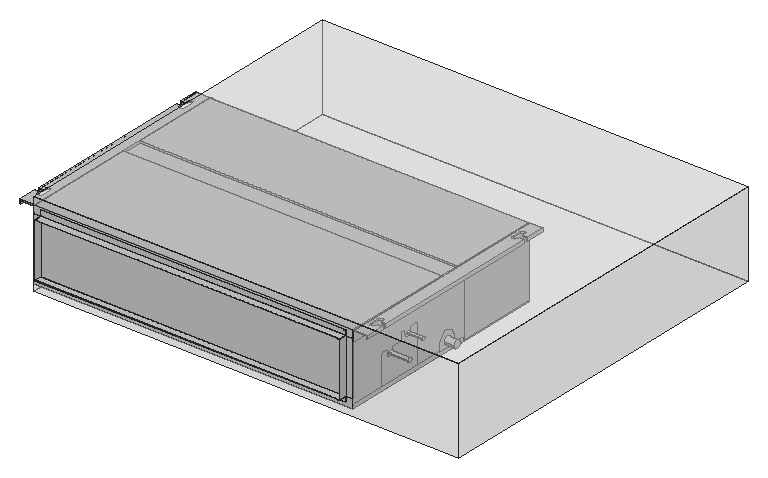
Revit family "outputfile", category 機械設備, Revit 2024
Family settings
  丸型コネクタ寸法 = 半径を使用
  パーツ タイプ = 標準
  OmniClass 番号 = 23.75.10.24.21.27.27
  OmniClass タイトル = Split System Air Conditioning Units
  作業面ベース = いいえ
  常に垂直 = はい
  ロード時にボイドで切り取り = いいえ
  注釈の向きを維持 = いいえ
  共有 = いいえ
  部屋計算ポイント = はい
Parameters (values of type "CDXM35RVMA")
  Description = ""
  書き出し IFC クラス(タイプ) = "IfcUnitaryEquipmentType"
  定義済み IFC タイプ(タイプ) = "AIRCONDITIONINGUNIT"
  Cost = 0
  Type Comments = ""
  Keynote = ""
  Type Image = (empty or 0)
  Assembly Code = ""
  switch_frequency = yes
  ld_powersupply = Depth / 2  # 310.0 mm
  製造元 = "Daikin"
  モデル = "CDXM35RVMA"
  r_Liquid Pipe Size = Liquid Pipe Size / 2  # 3.2 mm
  r_Gas Pipe Size = Gas Pipe Size / 2  # 4.75 mm
  r_Drain Pipe Size = Drain Pipe Size / 2  # 10.0 mm
  lw_powersupply = 50.0 mm  # constant formula
  lw_ductflange2 = 820.0 mm
  lw_Width = 860.0 mm
  lh_suctionflange [instance] = 100.0 mm  # constant formula
  ld_suctionflange [instance] = if(Rear Connection_Return Air, 190.0 mm, 100.0 mm)  # 190.0 mm
  connector_voltage = Voltage_50Hz  # 230 V
  connector_powerinput = if([Power Input (Cooling)] > [Power Input (Heating)], [Power Input (Cooling)], [Power Input (Heating)])  # 0.000 kW
  connector_phase = Phase_50Hz  # 1
  angle_vertical_RA [instance] = if(Rear Connection_Return Air, 90.00°, 0.00°)  # 90.00°
  angle horizontal_RA [instance] = if(Rear Connection_Return Air, 180.00°, 270.00°)  # 180.00°
  Voltage_comment_50Hz = "220 - 240"
  Voltage_50Hz = 230 V
  URL = ""
  Supply Air Direction [instance] = yes
  Sound Power Level_H speed (dB) = 0
  Rear Connection_Return Air [instance] = not(Bottom Connection_Return Air)  # yes
  RA_length [instance] = if(Rear Connection_Return Air, 190.0 mm, 100.0 mm)  # 190.0 mm
  Phase_50Hz = 1
  Minimum External Static Pressure = 0.00 Pa
  Minimum Circuit Amps_50Hz = 0.0 A
  Maximum Fuse Amps_50Hz = 0.0 A
  Maximum External Static Pressure = 40.00 Pa
  Material_Casing = DAIKIN_GalvanizedSteel_Casing_indoorunit
  lw_liquidpipe = 46.0 mm  # constant formula
  lw_gaspipe = 57.0 mm  # constant formula
  lw_mountinghole = 940.0 mm
  lw_drainpipe = 30.0 mm  # constant formula
  lh_powersupply = 150.0 mm  # constant formula
  lh_liquidpipe = 90.0 mm  # constant formula
  lh_gaspipe = 113.0 mm  # constant formula
  lh_mountinghole = Height  # 200.0 mm
  lh_drainpipe = 170.0 mm  # constant formula
  lh_antena = 1.0 mm  # constant formula
  ld_liquidpipe = 193.0 mm  # constant formula
  ld_gaspipe = 130.0 mm  # constant formula
  ld_mountinghole = 500.0 mm  # constant formula
  ld_drainpipe = 330.0 mm  # constant formula
  ld_controlbox = 626.0 mm  # constant formula
  h*** = 0.0 mm  # constant formula
  d_dischargeflange = 21.2 mm  # constant formula
  Width = 900.0 mm
  Version = "ver.1.0"
  Unit Type = "Duct(L.S.P)"
  Unit Mass Weight = 25.00 kg
  Unit Designation [instance] = ""
  Uniclass2015Version = "Products v1.30"
  Uniclass2015Title = "Split coil room air conditioning units"
  Uniclass2015Code = "Pr_70_65_03_86"
  Total Heating Capacity [instance] = 0.000 kW
  Total Cooling Capacity [instance] = 0.000 kW
  Sound Pressure Level_M speed (dBA) = 33
  Sound Pressure Level_L speed (dBA) = 31
  Sound Pressure Level_H speed (dBA) = 35
  Series = "Multi Split_Fan Coil Unit"
  Sensible Cooling Capacity [instance] = 0.000 kW
  SA Duct Size Width = 860.0 mm
  SA Duct Size Height = 153.0 mm
  Refrigerant Type = "R32"
  RA Duct Size Width = 780.0 mm
  RA Duct Size Height = 160.0 mm
  Power Input (Heating) = 0.000 kW
  Power Input (Cooling) = 0.000 kW
  Option Accessory 3 [instance] = ""
  Option Accessory 2 [instance] = ""
  Option Accessory 1 [instance] = ""
  Nominal Heating Capacity = 4.300 kW
  Nominal Cooling Capacity = 3.500 kW
  Minimum Airflow = 510.00 m³/h
  Median Airflow = 558.00 m³/h
  Maximum Airflow = 600.00 m³/h
  Load Classification = HVAC
  Liquid Pipe Size = 6.4 mm
  Link_Nested Family [instance] = ""
  IfcVersion = ""
  IfcExportType = "AIRCONDITIONINGUNIT"
  IfcExportAs = "IfcUnitaryEquipmentType"
  Height = 200.0 mm
  Heating Entering Wet Bulb Temperature [instance] = 0.00 °C
  Heating Entering Dry Bulb Temperature [instance] = 0.00 °C
  Heating Ambient Wet Bulb Temperature [instance] = 0.00 °C
  Heating Ambient Dry Bulb Temperature [instance] = 0.00 °C
  Heat Exchanger Type = "Cross Fin Coil"
  Gas Pipe Size = 9.5 mm
  Frequency_50Hz = 50 Hz
  Fan Type = "Sirocco Fan"
  Fan Drive = "Direct Drive"
  FCU Tag No. [instance] = ""
  Drain Pipe Size = 20.0 mm
  Design Supply Airflow [instance] = 0.00 m³/h
  Design Return Airflow [instance] = 0.00 m³/h
  Design External Static Pressure [instance] = 0.00 Pa
  Depth = 620.0 mm
  既定の高さ = 0.0 mm
  Cooling Entering Wet Bulb Temperature [instance] = 0.00 °C
  Cooling Entering Dry Bulb Temperature [instance] = 0.00 °C
  Cooling Ambient Wet Bulb Temperature [instance] = 0.00 °C
  Cooling Ambient Dry Bulb Temperature [instance] = 0.00 °C
  Clearance visibility [instance] = yes
  Clearance Top = 20.0 mm
  Clearance Right = 300.0 mm
  Clearance Rear = 400.0 mm
  Clearance Left = 0.0 mm
  Clearance Front = 0.0 mm
  Clearance Bottom = 20.0 mm
  Bottom Connection_Return Air [instance] = no
Reference planes
  plane 1 "Center (Front/Back)": y = 0
  plane 2: z = 0
  plane 3 "Center (Left/Right)": x = 0
  plane 4 "Back": y = 310
  plane 5 "Front": y = -310
  plane 6 "Left": x = -450
  plane 7 "Right": x = 450
  plane 8 "Top": z = 0
  plane 9 "Bottom": z = -200
  plane 10: x = -470
  plane 11: x = 470
  plane 12: y = 250
  plane 13: z = 0
  plane 14 "Clearance Left": x = -450
  plane 15 "Clearance Right": x = 750
  plane 16 "Clearance Rear": y = 710
  plane 17 "Clearance Front": y = -310
  plane 18 "Clearance Top": z = 20
  plane 19 "Clearance Bottom": z = -220
  plane 20: y = -250
  plane 21: z = -21
  plane 22: z = -97.5
  plane 23: x = -40
  plane 24: y = 120
  plane 25: z = -100
  plane 26: y = -180
  plane 27: z = -113
  plane 28: y = -117
  plane 29: z = -90
  plane 30: y = 20
  plane 31: z = -170
  plane 32: x = 507
  plane 33: x = 496
  plane 34: x = 480
  plane 35: x = 400
  plane 36: z = -150
Forms (mm)
  Extrusion 1, solid, material "DAIKIN_GalvanizedSteel_Casing_indoorunit" <- "Material_Casing"
    sketch origin (0, 0, 0) x (1, 0, 0) y (0, 1, 0)
      loop
        line (-450, -310) -> (450, -310) -> (450, 310) -> (-450, 310) -> (-450, -310)
    from -200 to 0
  Extrusion 2, void
    sketch origin (0, 0, 1) x (1, 0, 0) y (0, 1, 0)
      loop
        line (-450, 61.5) -> (-450, 3.5) -> (450, 3.5) -> (450, 61.5) -> (-450, 61.5)
    from -1 to -7
  Extrusion 3, solid, material "DAIKIN_GalvanizedSteel_Casing_indoorunit" <- "Material_Casing", visible <- "Bottom Connection_Return Air"
    sketch origin (0, 0, 0) x (1, 0, 0) y (0, 0, 1)
      loop
        line (369, -200) -> (369, -1) -> (-449, -1) -> (-449, -200) -> (369, -200)
    from -310 to -309
  Extrusion 4, solid, material "DAIKIN_GalvanizedSteel_Casing_indoorunit" <- "Material_Casing", visible <- "Rear Connection_Return Air"
    sketch origin (0, 0, 0) x (1, 0, 0) y (0, 1, 0)
      loop
        line (-449, 310) -> (-449, 111) -> (369, 111) -> (369, 310) -> (-449, 310)
    from -200 to -199
  Extrusion 5, solid, material "DAIKIN_GalvanizedSteel_Casing_indoorunit" <- "Material_Casing"
    sketch origin (450, 0, 0) x (0, 1, 0) y (0, 0, 1)
      loop
        circle (-180, -113) r 4.75
    from 0 to 57
  Extrusion 6, solid, material "DAIKIN_GalvanizedSteel_Casing_indoorunit" <- "Material_Casing"
    sketch origin (450, 0, 0) x (0, 1, 0) y (0, 0, 1)
      loop
        circle (-117, -90) r 3.2
    from 0 to 46
  Extrusion 7, solid, material "DAIKIN_GalvanizedSteel_Casing_indoorunit" <- "Material_Casing"
    sketch origin (450, 0, 0) x (0, 1, 0) y (0, 0, 1)
      loop
        circle (20, -170) r 10
    from 0 to 30
  Extrusion 8, solid, material "DAIKIN_GalvanizedSteel_Casing_indoorunit" <- "Material_Casing"
    sketch origin (450, 0, 0) x (0, 1, 0) y (0, 0, 1)
      loop
        line (-310, -200) -> (78.6, -200) -> (78.6, -193)
        arc (78.6, -193) -> (77.721, -190.879) -> (75.6, -190) r 3
        line (75.6, -190) -> (-310, -190) -> (-310, -200)
    from 0 to -1
  Extrusion 9, solid, material "DAIKIN_GalvanizedSteel_Casing_indoorunit" <- "Material_Casing"
    sketch origin (450, 0, 0) x (0, 1, 0) y (0, 0, 1)
      loop
        line (-210, -190) -> (-85.6, -190) -> (-85.6, -83)
        arc (-85.6, -83) -> (-86.479, -80.879) -> (-88.6, -80) r 3
        line (-88.6, -80) -> (-102, -80)
        arc (-102, -80) -> (-104.121, -80.879) -> (-105, -83) r 3
        line (-105, -83) -> (-105, -90)
        arc (-105, -90) -> (-117, -102) -> (-129, -90) r 12
        line (-129, -90) -> (-129, -83)
        arc (-129, -83) -> (-129.879, -80.879) -> (-132, -80) r 3
        line (-132, -80) -> (-136.1, -80)
        arc (-136.1, -80) -> (-138.221, -80.879) -> (-139.1, -83) r 3
        line (-139.1, -83) -> (-139.1, -102.7) -> (-165, -102.7)
        arc (-165, -102.7) -> (-167.121, -103.579) -> (-168, -105.7) r 3
        line (-168, -105.7) -> (-168, -113)
        arc (-168, -113) -> (-180, -125) -> (-192, -113) r 12
        line (-192, -113) -> (-192, -105.7)
        arc (-192, -105.7) -> (-192.879, -103.579) -> (-195, -102.7) r 3
        line (-195, -102.7) -> (-207, -102.7)
        arc (-207, -102.7) -> (-209.121, -103.579) -> (-210, -105.7) r 3
        line (-210, -105.7) -> (-210, -190)
    from 0 to -1
  Extrusion 10, solid, material "DAIKIN_GalvanizedSteel_Casing_indoorunit" <- "Material_Casing"
    sketch origin (450, 0, 0) x (0, 1, 0) y (0, 0, 1)
      loop
        arc (44.5, -170) -> (20, -145.5) -> (-4.5, -170) r 24.5
        line (-4.5, -170) -> (-4.5, -190) -> (44.5, -190) -> (44.5, -170)
    from 0 to -1
  Extrusion 11, solid, material "DAIKIN_GalvanizedSteel_Casing_indoorunit" <- "Material_Casing"
    sketch origin (450, 0, 0) x (0, 1, 0) y (0, 0, 1)
      loop
        arc (86.6, -22) -> (84.479, -22.879) -> (83.6, -25) r 3
        line (83.6, -25) -> (83.6, -194.5)
        arc (83.6, -194.5) -> (84.479, -196.621) -> (86.6, -197.5) r 3
        line (86.6, -197.5) -> (307, -197.5)
        arc (307, -197.5) -> (309.121, -196.621) -> (310, -194.5) r 3
        line (310, -194.5) -> (310, -25)
        arc (310, -25) -> (309.121, -22.879) -> (307, -22) r 3
        line (307, -22) -> (86.6, -22)
    from 0 to -1
Cuts and joins
  Extrusion 2 cuts Extrusion 1
Dimensions and locks
  "Height": plane 8 "Top" to plane 9 "Bottom"
  equal spacing: plane 10, plane 3 "Center (Left/Right)", plane 11
  "lw_mountinghole": plane 10 to plane 11
  equal spacing: plane 6 "Left", plane 3 "Center (Left/Right)", plane 7 "Right"
  "Width": plane 6 "Left" to plane 7 "Right"
  "Clearance Right": plane 7 "Right" to plane 15 "Clearance Right"
  "Clearance Left": plane 14 "Clearance Left" to plane 6 "Left"
  "Clearance Rear": plane 16 "Clearance Rear" to plane 4 "Back"
  "Clearance Front": plane 5 "Front" to plane 17 "Clearance Front"
  "Clearance Top": plane 18 "Clearance Top" to plane 8 "Top"
  "Clearance Bottom": plane 9 "Bottom" to plane 19 "Clearance Bottom"
  "Depth": plane 4 "Back" to plane 5 "Front"
  equal spacing: plane 4 "Back", plane 1 "Center (Front/Back)", plane 5 "Front"
  Extrusion 3 sketch curve to Extrusion 3 sketch curve = 199.0 mm
  locked: plane 20 to plane 5 "Front" at 60
  "ld_mountinghole": plane 12 to plane 20
  locked: plane 8 "Top" to plane 21 at 21
  locked: plane 23 to plane 3 "Center (Left/Right)" at 40
  "ld_suctionflange": plane 4 "Back" to plane 24
  "lh_suctionflange": plane 8 "Top" to plane 25
  "ld_gaspipe": plane 26 to plane 5 "Front"
  "lh_gaspipe": plane 8 "Top" to plane 27
  "ld_liquidpipe": plane 28 to plane 5 "Front"
  "lh_liquidpipe": plane 8 "Top" to plane 29
  "ld_drainpipe": plane 30 to plane 5 "Front"
  "lh_drainpipe": plane 8 "Top" to plane 31
  "lw_gaspipe": plane 7 "Right" to plane 32
  "lw_liquidpipe": plane 7 "Right" to plane 33
  "lw_drainpipe": plane 7 "Right" to plane 34
  "lw_powersupply": plane 35 to plane 7 "Right"
  "lh_powersupply": plane 8 "Top" to plane 36
  "r_Gas Pipe Size": radius of Extrusion 5 sketch curve
  "r_Liquid Pipe Size": radius of Extrusion 6 sketch curve
  "r_Drain Pipe Size": radius of Extrusion 7 sketch curve
  aligned and locked: level to plane 2
  aligned and locked: Extrusion 1 to plane 9 "Bottom"
  aligned and locked: plane 8 "Top" to Extrusion 1
  aligned and locked: plane 11 to nested 2
  aligned and locked: plane 10 to nested 3
  aligned and locked: plane 10 to nested 4
  aligned and locked: plane 8 "Top" to Extrusion 2
  aligned and locked: plane 9 "Bottom" to Extrusion 4  (x2)
  aligned and locked: plane 7 "Right" to cut or joined group of Extrusion 1, Extrusion 2  (x2)
  aligned and locked: plane 3 "Center (Left/Right)" to nested 9
  aligned and locked: plane 6 "Left" to nested 7
  aligned and locked: plane 8 "Top" to nested 9
  aligned and locked: plane 11 to nested 1
  aligned and locked: nested 6 to plane 1 "Center (Front/Back)"
  aligned and locked: plane 3 "Center (Left/Right)" to nested 6
  aligned and locked: level to plane 8 "Top"
  aligned and locked: plane 1 "Center (Front/Back)" to nested 9
  aligned and locked: plane 5 "Front" to nested 10
  aligned and locked: Extrusion 1 sketch curve to plane 5 "Front"
  aligned and locked: plane 21 to nested 10
  aligned and locked: nested 5 to plane 5 "Front"
  aligned and locked: plane 3 "Center (Left/Right)" to nested 5
  aligned and locked: plane 22 to nested 5
  aligned and locked: Extrusion 2 sketch curve to plane 6 "Left"
  aligned and locked: plane 7 "Right" to Extrusion 2 sketch curve
  aligned and locked: nested 11 to plane 23
  aligned and locked: nested 11 to plane 24
  aligned and locked: plane 27 to Extrusion 5 sketch curve
  aligned and locked: plane 26 to Extrusion 5 sketch curve
  aligned and locked: plane 28 to Extrusion 6 sketch curve
  aligned and locked: plane 29 to Extrusion 6 sketch curve
  aligned and locked: plane 31 to Extrusion 7 sketch curve
  aligned and locked: plane 30 to Extrusion 7 sketch curve
  aligned and locked: plane 26 to nested 12
  aligned and locked: nested 12 to plane 27
  aligned and locked: plane 32 to Extrusion 5
  aligned and locked: plane 32 to nested 12
  aligned and locked: plane 33 to Extrusion 6
  aligned and locked: plane 28 to nested 13
  aligned and locked: nested 13 to plane 29
  aligned and locked: plane 33 to nested 13
  aligned and locked: plane 34 to Extrusion 7
  aligned and locked: plane 30 to nested 14
  aligned and locked: nested 14 to plane 31
  aligned and locked: plane 34 to nested 14
  aligned and locked: Extrusion 8 sketch curve to plane 9 "Bottom"
  aligned and locked: Extrusion 8 sketch curve to plane 5 "Front"
  aligned and locked: plane 14 "Clearance Left" to nested 15
  aligned and locked: plane 15 "Clearance Right" to nested 15
  aligned and locked: plane 16 "Clearance Rear" to nested 15
  aligned and locked: nested 15 to plane 17 "Clearance Front"
  aligned and locked: nested 15 to plane 18 "Clearance Top"
  aligned and locked: nested 15 to plane 19 "Clearance Bottom"
  aligned and locked: nested 16 to plane 35
  aligned and locked: nested 16 to plane 36
  aligned and locked: plane 4 "Back" to nested 16
Automatic sketch dimensions
  Extrusion 1 sketch curve to plane 4 "Back" = 0.0 mm
  Extrusion 1 sketch curve to plane 6 "Left" = 0.0 mm
  Extrusion 1 sketch curve to plane 7 "Right" = 0.0 mm
  Extrusion 4 sketch curve to plane 4 "Back" = 0.0 mm
  plane 6 "Left" to Extrusion 3 sketch curve = 1.0 mm
  plane 6 "Left" to Extrusion 4 sketch curve = 1.0 mm
  Extrusion 4 sketch curve to plane 1 "Center (Front/Back)" = 111.0 mm
  Extrusion 3 sketch curve to plane 9 "Bottom" = 0.0 mm
  Extrusion 3 sketch curve to plane 7 "Right" = 81.0 mm
  Extrusion 4 sketch curve to plane 7 "Right" = 81.0 mm
  Extrusion 2 sketch curve to plane 1 "Center (Front/Back)" = 3.5 mm
  Extrusion 2 sketch curve to Extrusion 2 sketch curve = 58.0 mm
  plane 9 "Bottom" to Extrusion 8 sketch curve = 7.0 mm
  Extrusion 8 sketch curve to plane 24 = 44.4 mm
  Extrusion 8 sketch curve to Extrusion 8 sketch curve = 3.0 mm
  Extrusion 9 sketch curve to plane 27 = 0.0 mm
  Extrusion 9 sketch curve to plane 26 = 0.0 mm
  Extrusion 9 sketch curve to plane 29 = 0.0 mm
  Extrusion 9 sketch curve to plane 28 = 0.0 mm
  Extrusion 9 sketch curve to plane 26 = 12.0 mm
  Extrusion 9 sketch curve to plane 25 = 2.7 mm  (x2)
  Extrusion 9 sketch curve to Extrusion 9 sketch curve = 3.0 mm  (x6)
  Extrusion 9 sketch curve to Extrusion 9 sketch curve = 12.0 mm
  plane 9 "Bottom" to Extrusion 9 sketch curve = 10.0 mm
  Extrusion 9 sketch curve to plane 26 = 30.0 mm
  Extrusion 9 sketch curve to plane 28 = 22.1 mm
  Extrusion 9 sketch curve to Extrusion 9 sketch curve = 4.1 mm
  plane 29 to Extrusion 9 sketch curve = 7.0 mm  (x2)
  Extrusion 9 sketch curve to Extrusion 9 sketch curve = 13.4 mm
  Extrusion 10 sketch curve to plane 30 = 0.0 mm
  Extrusion 10 sketch curve to plane 31 = 0.0 mm
  plane 1 "Center (Front/Back)" to Extrusion 10 sketch curve = 4.5 mm
  plane 9 "Bottom" to Extrusion 10 sketch curve = 10.0 mm
  Extrusion 11 sketch curve to plane 4 "Back" = 0.0 mm
  Extrusion 11 sketch curve to Extrusion 11 sketch curve = 3.0 mm  (x3)
  Extrusion 11 sketch curve to plane 21 = 1.0 mm
  Extrusion 11 sketch curve to plane 21 = 4.0 mm
  Extrusion 11 sketch curve to plane 24 = 33.4 mm
  plane 9 "Bottom" to Extrusion 11 sketch curve = 5.5 mm
Nested families
  nested 1: "daikin_mountinghole" at (470, 250, -200), l_antenna <- "lh_antena", Link_Nested Family <- "Link_Nested Family", h_mountinghole <- "lh_mountinghole", type "daikin_mountinghole"
    with show yes, l_antenna 1.0 mm, h_mountinghole 200.0 mm, Link_Nested Family ""
  nested 2: "daikin_mountinghole" at (470, -250, -200), Link_Nested Family <- "Link_Nested Family", l_antenna <- "lh_antena", h_mountinghole <- "lh_mountinghole", type "daikin_mountinghole"
    with show yes, l_antenna 1.0 mm, h_mountinghole 200.0 mm, Link_Nested Family ""
  nested 3: "daikin_mountinghole" at (-470, -250, -200), l_antenna <- "lh_antena", Link_Nested Family <- "Link_Nested Family", h_mountinghole <- "lh_mountinghole", type "daikin_mountinghole"
    with show yes, l_antenna 1.0 mm, h_mountinghole 200.0 mm, Link_Nested Family ""
  nested 4: "daikin_mountinghole" at (-470, 250, -200), l_antenna <- "lh_antena", Link_Nested Family <- "Link_Nested Family", h_mountinghole <- "lh_mountinghole", type "daikin_mountinghole"
    with show yes, l_antenna 1.0 mm, h_mountinghole 200.0 mm, Link_Nested Family ""
  nested 5: "daikin_connector_rotate2" at (0, -310, -97.5), length <- "d_dischargeflange", type "daikin_connector_rotate2"
    with radius 10.0 mm, length 21.2 mm, angle_vertical 90.00°, show_face no
  nested 6: "daikin_△_symbolicline" at (-75, -129.904, 200) x (-0.5, 0.866, 0) z (0, 0, 1), built-in parameter 1001364 <- "Height", visible <- "Supply Air Direction", type "daikin_△_symbolicline"
    with length 300.0 mm
  nested 7: "daikin_ductflange_CDXM-RVMA_1" at (-40, 310, -100), visible <- "Rear Connection_Return Air", material <- "Material_Casing", width <- "lw_ductflange2", type "daikin_ductflange_CDXM-RVMA_1"
    with width 820.0 mm, material DAIKIN_GalvanizedSteel_Casing_indoorunit, height 180.0 mm, depth 21.2 mm
  nested 8: "daikin_ductflange_CDXM-RVMA_1" at (-40, 210, -200) x (1, 0, 0) z (0, 1, 0), visible <- "Bottom Connection_Return Air", material <- "Material_Casing", width <- "lw_ductflange2", type "daikin_ductflange_CDXM-RVMA_1"
    with width 820.0 mm, material DAIKIN_GalvanizedSteel_Casing_indoorunit, height 180.0 mm, depth 21.2 mm
  nested 9: "daikin_hangerfixture_CDXM-RVMA" at (0, 0, 0), type "daikin_hangerfixture_CDXM-RVMA"
    with width 900.0 mm
  nested 10: "daikin_ductflange_CDXM-RVMA" at (0, 3.5, -364.201), width <- "lw_Width", material <- "Material_Casing", type "daikin_ductflange_CDXM-RVMA"
    with width 860.0 mm, material DAIKIN_GalvanizedSteel_Casing_indoorunit, height 155.0 mm, depth 21.2 mm
  nested 11: "daikin_connector_rotate3" at (-40, 120, -100), length <- "RA_length", angle_vertical <- "angle_vertical_RA", angle_horizontal <- "angle horizontal_RA", type "daikin_connector_rotate3"
    with show no, radius 10.0 mm, length 190.0 mm, angle_vertical 90.00°, angle_horizontal 180.00°
  nested 12: "daikin_connector_rotate2" at (450, -180, -113) x (0, 1, 0) z (0, 0, 1), length <- "lw_gaspipe", radius <- "r_Gas Pipe Size", type "daikin_connector_rotate2"
    with radius 4.75 mm, length 57.0 mm, angle_vertical 90.00°, show_face no
  nested 13: "daikin_connector_rotate2" at (450, -117, -90) x (0, 1, 0) z (0, 0, 1), radius <- "r_Liquid Pipe Size", length <- "lw_liquidpipe", type "daikin_connector_rotate2"
    with radius 3.2 mm, length 46.0 mm, angle_vertical 90.00°, show_face no
  nested 14: "daikin_connector_rotate2" at (450, 20, -170) x (0, 1, 0) z (0, 0, 1), radius <- "r_Drain Pipe Size", length <- "lw_drainpipe", type "daikin_connector_rotate2"
    with radius 10.0 mm, length 30.0 mm, angle_vertical 90.00°, show_face no
  nested 15: "daikin_clearancespace" at (150, 200, -99.881), visible <- "Clearance visibility", Link_Nested Family <- "Link_Nested Family", show <- "Clearance visibility", type "daikin_clearancespace"
    with width 1200.0 mm, show yes, height 240.0 mm, depth 1020.0 mm, Link_Nested Family ""
  nested 16: "daikin_connector_rotate2" at (400, 0, -150) x (-1, 0, 0) z (0, 0, 1), length <- "ld_powersupply", type "daikin_connector_rotate2"
    with radius 10.0 mm, length 310.0 mm, angle_vertical 90.00°, show_face no
Connectors
  hvac at (0, -331.2, -97.5), driven by "SA Duct Size Height", driven by "SA Duct Size Width"
    settings: on nested 5, index 1, duct flow 0.00 m³/h, flow factor 0, pres drop 0.00 Pa, loss coef 0, conn angle 0.00°, conn width 860.0 mm, conn height 153.0 mm, conn diameter 609.6 mm, duct sys type 1, conn prof type 1, flow config 0, flow direction 2, loss method 4, conn ref index -1, conn util no, is conn primary yes, conn desc "SA Duct"
  hvac at (-40, 310, -100), driven by "RA Duct Size Height", driven by "RA Duct Size Width"
    settings: on nested 11, index 2, duct flow 0.00 m³/h, flow factor 0, pres drop 0.00 Pa, loss coef 0, conn angle 0.00°, conn width 780.0 mm, conn height 160.0 mm, conn diameter 609.6 mm, duct sys type 2, conn prof type 1, flow config 0, flow direction 1, loss method 4, conn ref index -1, conn util no, is conn primary no, conn desc "RA Duct"
  piping at (507, -180, -113), diameter 9.5, driven by "r_Gas Pipe Size"
    settings: on nested 12, index 3, connector inside diameter 609.6 mm, connector length 0.0 mm, flow factor 0, pipe flow 0.00 m³/h, pressure drop 0.0 Pa, fitting loss kfactor 0, connector angle 0.00°, fixture units 0, engagement length 0.0 mm, angle of deflection 0.00°, flow configuration 1, flow direction 2, fitting loss method 0, system type 29, joint type 0, gender type 0, connector reference index -1, connector utility 0, adjustable connector no, is connector primary yes, connector description "Refrigerant Gas Piping"
  piping at (496, -117, -90), diameter 6.4, driven by "r_Liquid Pipe Size"
    settings: on nested 13, index 4, connector inside diameter 609.6 mm, connector length 0.0 mm, flow factor 0, pipe flow 0.00 m³/h, pressure drop 0.0 Pa, fitting loss kfactor 0, connector angle 0.00°, fixture units 0, engagement length 0.0 mm, angle of deflection 0.00°, flow configuration 1, flow direction 1, fitting loss method 0, system type 29, joint type 0, gender type 0, connector reference index -1, connector utility 0, adjustable connector no, is connector primary no, connector description "Refrigerant Liquid Piping"
  piping at (480, 20, -170), diameter 20, driven by "r_Drain Pipe Size"
    settings: on nested 14, index 5, connector inside diameter 609.6 mm, connector length 0.0 mm, flow factor 0, pipe flow 0.00 m³/h, pressure drop 0.0 Pa, fitting loss kfactor 0, connector angle 0.00°, fixture units 0, engagement length 0.0 mm, angle of deflection 0.00°, flow configuration 1, flow direction 2, fitting loss method 4, system type 16, joint type 0, gender type 0, connector reference index -1, connector utility 0, adjustable connector no, is connector primary no, connector description "Condensate Drain Piping"
  electrical at (400, 310, -150), driven by "Load Classification", driven by "connector_phase", driven by "connector_voltage", driven by "connector_powerinput"
    settings: on nested 16, index 6, voltage 230 V, apparent load 0 VA, apparent load phase1 0 VA, apparent load phase2 0 VA, apparent load phase3 0 VA, power factor 1, load classification "HVAC", number of poles 1, system type 30, power factor state 1, is connector primary yes, connector utility no, sub classification motor no, connector description "Power Supply"
Definition of nested family "daikin_ductflange_CDXM-RVMA_1"
  Parameters (values of type "daikin_ductflange_CDXM-RVMA_1")
    width [instance] = 620.0 mm
    material [instance] = none
    height [instance] = 180.0 mm
    depth [instance] = 21.2 mm
    Default Elevation = 0.0 mm
  Reference planes
    plane 1 "Center (Front/Back)": y = 0
    plane 2: z = 0
    plane 3 "Center (Left/Right)": x = 0
    plane 4: x = -310
    plane 5: x = 310
    plane 6: z = 90
    plane 7: z = -90
    plane 8: z = 100
    plane 9: z = -100
    plane 10: x = -309
    plane 11: x = 309
  Forms (mm)
    Extrusion 1, solid, material <- "material"
      sketch origin (0, 0, 0) x (1, 0, 0) y (0, 0, 1)
        loop
          line (-290, 80) -> (-290, -80) -> (290, -80) -> (290, 80) -> (-290, 80)
        loop
          line (-309, -99) -> (309, -99) -> (309, 99) -> (-309, 99) -> (-309, -99)
      from 0 to 1
  Dimensions and locks
    equal spacing: plane 5, plane 3 "Center (Left/Right)", plane 4, locked at 310 each
    "width": plane 5 to plane 4
    equal spacing: plane 6, level, plane 7, locked at 90 each
    "height": plane 6 to plane 7
    equal spacing: plane 8, level, plane 9, locked at 100 each
    locked: plane 8 to plane 9 at 200
    plane 10 to plane 4 = 1.0 mm
    locked: plane 5 to plane 11 at 1
    locked: Extrusion 1 sketch curve to Extrusion 1 sketch curve at 19  (x4)
    locked: plane 8 to Extrusion 1 sketch curve at 1
    locked: Extrusion 1 sketch curve to plane 9 at 1
    aligned and locked: level to plane 2
  Automatic sketch dimensions
    plane 4 to Extrusion 1 sketch curve = 1.0 mm
    Extrusion 1 sketch curve to plane 5 = 1.0 mm
Definition of nested family "daikin_hangerfixture_CDXM-RVMA"
  Parameters (values of type "daikin_hangerfixture_CDKS-EAVMA")
    width = 700.0 mm
    material = none
    height = 30.0 mm
    depth = 618.0 mm
    Default Elevation = 0.0 mm
  Reference planes
    plane 1 "Center (Front/Back)": y = 0
    plane 2: z = 0
    plane 3 "Center (Left/Right)": x = 0
    plane 4: x = 350
    plane 5: y = 309
    plane 6: y = -309
    plane 7: x = -350
    plane 8: z = -30
  Forms (mm)
    Extrusion 1, solid, material <- "material"
      sketch origin (0, 0, 0) x (1, 0, 0) y (0, 0, 1)
        loop
          line (350, 0) -> (350, -30) -> (352.3, -30) -> (352.3, -2.3) -> (387.7, -2.3) -> (387.7, -10) -> (390, -10) -> (390, 0) -> (350, 0)
      from -309 to 309
    Extrusion 2, void
      sketch origin (0, 0, 0) x (0, 1, 0) y (0, 0, 1)
        loop
          line (309, -30) -> (309, -17.979) -> (87.935, -17.979) -> (75.914, -30) -> (309, -30)
      from 0 to 450
    Extrusion 3, void
      sketch origin (0, 0, 0) x (1, 0, 0) y (0, 1, 0)
        loop
          line (390, -243.5) -> (377, -243.5) -> (377, -237)
          arc (377, -237) -> (370, -230) -> (363, -237) r 7
          line (363, -237) -> (363, -263)
          arc (363, -263) -> (370, -270) -> (377, -263) r 7
          line (377, -263) -> (377, -256.5) -> (390, -256.5) -> (390, -243.5)
        loop
          line (390, 243.5) -> (390, 256.5) -> (377, 256.5) -> (377, 263)
          arc (377, 263) -> (370, 270) -> (363, 263) r 7
          line (363, 263) -> (363, 237)
          arc (363, 237) -> (370, 230) -> (377, 237) r 7
          line (377, 237) -> (377, 243.5) -> (390, 243.5)
      from -254.96 to 618
    Extrusion 4, solid, material <- "material"
      sketch origin (0, 0, 0) x (-1, 0, 0) y (0, 0, -1)
        loop
          line (350, 0) -> (390, 0) -> (390, 10) -> (387.7, 10) -> (387.7, 2.3) -> (352.3, 2.3) -> (352.3, 30) -> (350, 30) -> (350, 0)
      from -309 to 309
    Extrusion 5, void
      sketch origin (0, 0, 0) x (-1, 0, 0) y (0, -1, 0)
        loop
          line (390, 243.5) -> (390, 256.5) -> (377, 256.5) -> (377, 263)
          arc (377, 263) -> (370, 270) -> (363, 263) r 7
          line (363, 263) -> (363, 237)
          arc (363, 237) -> (370, 230) -> (377, 237) r 7
          line (377, 237) -> (377, 243.5) -> (390, 243.5)
        loop
          line (390, -243.5) -> (377, -243.5) -> (377, -237)
          arc (377, -237) -> (370, -230) -> (363, -237) r 7
          line (363, -237) -> (363, -263)
          arc (363, -263) -> (370, -270) -> (377, -263) r 7
          line (377, -263) -> (377, -256.5) -> (390, -256.5) -> (390, -243.5)
      from -254.96 to 618
  Cuts and joins
    Extrusion 2, Extrusion 3, Extrusion 5 cuts Extrusion 1
    Extrusion 5 cuts Extrusion 4
  Dimensions and locks
    equal spacing: plane 5, plane 1 "Center (Front/Back)", plane 6
    "depth": plane 5 to plane 6
    plane 6 to plane 1 "Center (Front/Back)" to plane 5 = 309.0 mm, 309.0 mm
    equal spacing: plane 4, plane 3 "Center (Left/Right)", plane 7
    "width": plane 4 to plane 7
    "height": level to plane 8
    aligned and locked: level to plane 2
    aligned and locked: plane 5 to Extrusion 1
    aligned and locked: Extrusion 1 to plane 6
    aligned and locked: Extrusion 1 to plane 4
    aligned and locked: plane 5 to cut or joined group of Extrusion 1, Extrusion 2, Extrusion 3, Extrusion 5
    aligned and locked: cut or joined group of Extrusion 1, Extrusion 2, Extrusion 3, Extrusion 5 to plane 6
    aligned and locked: level to cut or joined group of Extrusion 1, Extrusion 2, Extrusion 3, Extrusion 5
    aligned and locked: cut or joined group of Extrusion 1, Extrusion 2, Extrusion 3, Extrusion 5 to plane 8
    aligned and locked: plane 5 to cut or joined group of Extrusion 4, Extrusion 5
    aligned and locked: cut or joined group of Extrusion 4, Extrusion 5 to plane 6
  Automatic sketch dimensions
    Extrusion 1 sketch curve to plane 4 = 0.0 mm
    Extrusion 1 sketch curve to plane 8 = 0.0 mm
    Extrusion 1 sketch curve to level = 0.0 mm
    plane 4 to Extrusion 1 sketch curve = 2.3 mm
    Extrusion 1 sketch curve to level = 2.3 mm
    Extrusion 1 sketch curve to Extrusion 1 sketch curve = 35.4 mm
    Extrusion 1 sketch curve to Extrusion 1 sketch curve = 2.3 mm
    Extrusion 1 sketch curve to Extrusion 1 sketch curve = 7.7 mm
    Extrusion 2 sketch curve to plane 8 = 0.0 mm
    Extrusion 2 sketch curve to plane 5 = 0.0 mm
    plane 8 to Extrusion 2 sketch curve = 12.021 mm
    Extrusion 2 sketch curve to plane 1 "Center (Front/Back)" = 87.935 mm
    Extrusion 2 sketch curve to Extrusion 2 sketch curve = 12.021 mm
    plane 4 to Extrusion 3 sketch curve = 13.0 mm  (x2)
    Extrusion 3 sketch curve to Extrusion 3 sketch curve = 7.0 mm  (x4)
    Extrusion 3 sketch curve to Extrusion 3 sketch curve = 13.0 mm  (x4)
    plane 6 to Extrusion 3 sketch curve = 46.0 mm
    Extrusion 3 sketch curve to Extrusion 3 sketch curve = 6.5 mm  (x4)
    Extrusion 3 sketch curve to plane 5 = 72.0 mm
    Extrusion 4 sketch curve to plane 7 = 0.0 mm
    Extrusion 4 sketch curve to plane 8 = 0.0 mm
    Extrusion 4 sketch curve to level = 0.0 mm
    Extrusion 4 sketch curve to plane 7 = 2.3 mm
    Extrusion 4 sketch curve to level = 2.3 mm
    Extrusion 4 sketch curve to Extrusion 4 sketch curve = 35.4 mm
    Extrusion 4 sketch curve to Extrusion 4 sketch curve = 2.3 mm
    Extrusion 4 sketch curve to Extrusion 4 sketch curve = 7.7 mm
    Extrusion 5 sketch curve to plane 7 = 13.0 mm  (x2)
    Extrusion 5 sketch curve to Extrusion 5 sketch curve = 7.0 mm  (x4)
    Extrusion 5 sketch curve to Extrusion 5 sketch curve = 13.0 mm  (x4)
    Extrusion 5 sketch curve to plane 5 = 46.0 mm
    Extrusion 5 sketch curve to Extrusion 5 sketch curve = 6.5 mm  (x4)
    plane 6 to Extrusion 5 sketch curve = 72.0 mm
Definition of nested family "daikin_ductflange_CDXM-RVMA"
  Parameters (values of type "daikin_ductflange_FXDQ-NDVET")
    width [instance] = 660.0 mm
    material [instance] = none
    height [instance] = 155.0 mm
    depth [instance] = 21.2 mm
    Default Elevation = 0.0 mm
  Reference planes
    plane 1 "Center (Front/Back)": y = 0
    plane 2: z = 189.201
    plane 3 "Center (Left/Right)": x = 0
    plane 4: y = -313.5
    plane 5: x = -330
    plane 6: x = 330
    plane 7: y = -334.7
    plane 8: z = 344.201
    plane 9: z = 266.701
    plane 10: z = 343.201
    plane 11: z = 190.201
  Forms (mm)
    Extrusion 1, solid, material <- "material"
      sketch origin (0, 0, 189.201) x (1, 0, 0) y (0, 1, 0)
        loop
          line (-330, -334.7) -> (-330, -313.5) -> (-350, -313.5) -> (-350, -314.5) -> (-331, -314.5) -> (-331, -334.7) -> (-330, -334.7)
        loop
          line (330, -334.7) -> (331, -334.7) -> (331, -314.5) -> (350, -314.5) -> (350, -313.5) -> (330, -313.5) -> (330, -334.7)
      from 1 to 154
    Extrusion 2, solid, material <- "material"
      sketch origin (0, 0, 0) x (0, 1, 0) y (0, 0, 1)
        loop
          line (-313.5, 343.201) -> (-313.5, 358.201) -> (-314.5, 358.201) -> (-314.5, 344.201) -> (-334.7, 344.201) -> (-334.7, 343.201) -> (-313.5, 343.201)
        loop
          line (-313.5, 190.201) -> (-334.7, 190.201) -> (-334.7, 189.201) -> (-314.5, 189.201) -> (-314.5, 175.201) -> (-313.5, 175.201) -> (-313.5, 190.201)
      from -330 to 330
  Dimensions and locks
    plane 4 to plane 1 "Center (Front/Back)" = 313.5 mm
    "depth": plane 7 to plane 4
    equal spacing: plane 8, plane 9, level
    "height": plane 8 to level
    equal spacing: plane 6, plane 3 "Center (Left/Right)", plane 5
    "width": plane 6 to plane 5
    locked: plane 8 to plane 10 at 1
    locked: plane 11 to level at 1
    locked: Extrusion 1 to Extrusion 2 sketch curve at 1
    locked: Extrusion 2 sketch curve to Extrusion 1 at 1
    plane 10 to plane 11 = 153.0 mm
    aligned and locked: level to plane 2
    aligned and locked: Extrusion 2 to plane 5
    aligned and locked: Extrusion 2 to plane 11
    aligned and locked: Extrusion 2 to plane 10
    aligned and locked: plane 6 to Extrusion 2
    aligned and locked: plane 5 to Extrusion 2  (x2)
    aligned and locked: plane 5 to Extrusion 1  (x2)
    aligned and locked: Extrusion 1 to plane 6
    aligned and locked: plane 6 to Extrusion 1
    aligned and locked: Extrusion 1 to plane 10
  Automatic sketch dimensions
    Extrusion 2 sketch curve to plane 7 = 0.0 mm  (x2)
    Extrusion 2 sketch curve to plane 4 = 0.0 mm  (x2)
    Extrusion 2 sketch curve to plane 11 = 0.0 mm
    Extrusion 2 sketch curve to plane 10 = 0.0 mm
    Extrusion 2 sketch curve to plane 4 = 1.0 mm  (x2)
    Extrusion 2 sketch curve to level = 14.0 mm
    plane 8 to Extrusion 2 sketch curve = 14.0 mm
    Extrusion 1 sketch curve to plane 4 = 0.0 mm  (x2)
    Extrusion 1 sketch curve to plane 7 = 0.0 mm  (x2)
    Extrusion 1 sketch curve to plane 5 = 0.0 mm
    Extrusion 1 sketch curve to plane 6 = 0.0 mm
    Extrusion 1 sketch curve to plane 5 = 1.0 mm
    Extrusion 1 sketch curve to Extrusion 1 sketch curve = 19.0 mm  (x2)
    Extrusion 1 sketch curve to Extrusion 1 sketch curve = 1.0 mm
    Extrusion 1 sketch curve to plane 4 = 1.0 mm  (x2)
Definition of nested family "daikin_clearancespace"
  Parameters (values of type "daikin_clearancespace")
    Description = "daikin_clearancespace"
    width [instance] = 1823.963 mm
    show [instance] = yes
    material = none
    height [instance] = 1359.762 mm
    depth [instance] = 880.0 mm
    Default Elevation = 0.0 mm
    Link_Nested Family [instance] = ""
  Reference planes
    plane 1 "Center (Front/Back)": y = 0
    plane 2 "Center (Elevation)": z = -0.119
    plane 3 "Center (Left/Right)": x = 0
    plane 4: y = 440
    plane 5: y = -440
    plane 6 "Right": x = 911.982
    plane 7 "Left": x = -911.982
    plane 8 "Top": z = 679.762
    plane 9 "Bottom": z = -680
  Forms (mm)
    Extrusion 1, solid, material <- "material", visible <- "show"
      sketch origin (0, 0, 0) x (1, 0, 0) y (0, 1, 0)
        loop
          line (-911.982, 440) -> (-911.982, -440) -> (911.982, -440) -> (911.982, 440) -> (-911.982, 440)
      from -680 to 679.762
  Lines and regions (mm)
    symbolic lines, visible <- "show"
      curve 1: line (911.982, 440, 0) -> (-911.982, 440, 0)
      curve 2: line (-911.982, 440, 0) -> (-911.982, -440, 0)
      curve 3: line (-911.982, -440, 0) -> (911.982, -440, 0)
      curve 4: line (911.982, -440, 0) -> (911.982, 440, 0)
      curve 5: line (911.982, 0, 679.762) -> (-911.982, 0, 679.762)
      curve 6: line (911.982, 0, -680) -> (911.982, 0, 679.762)
      curve 7: line (-911.982, 0, -680) -> (911.982, 0, -680)
      curve 8: line (-911.982, 0, 679.762) -> (-911.982, 0, -680)
      curve 9: line (0, 440, 679.762) -> (0, -440, 679.762)
      curve 10: line (0, -440, 679.762) -> (0, -440, -680)
      curve 11: line (0, 440, -680) -> (0, 440, 679.762)
      curve 12: line (0, -440, -680) -> (0, 440, -680)
  Dimensions and locks
    "width": plane 7 "Left" to plane 6 "Right"
    "depth": plane 4 to plane 5
    "height": plane 8 "Top" to plane 9 "Bottom"
    equal spacing: plane 7 "Left", plane 3 "Center (Left/Right)", plane 6 "Right"
    equal spacing: plane 4, plane 1 "Center (Front/Back)", plane 5
    equal spacing: plane 8 "Top", plane 2 "Center (Elevation)", plane 9 "Bottom"
    aligned and locked: level to plane 2 "Center (Elevation)"
    aligned and locked: Extrusion 1 sketch curve to plane 4
    aligned and locked: plane 7 "Left" to Extrusion 1 sketch curve
    aligned and locked: Extrusion 1 sketch curve to plane 5
    aligned and locked: Extrusion 1 sketch curve to plane 6 "Right"
    aligned and locked: plane 8 "Top" to Extrusion 1
    aligned and locked: curve 1 to Extrusion 1
    aligned and locked: curve 2 to Extrusion 1
    aligned and locked: curve 3 to Extrusion 1
    aligned and locked: curve 4 to Extrusion 1
    aligned and locked: curve 5 to Extrusion 1
    aligned and locked: curve 6 to Extrusion 1
    aligned and locked: curve 7 to Extrusion 1
    aligned and locked: curve 8 to Extrusion 1
    aligned and locked: curve 9 to Extrusion 1
    aligned and locked: curve 10 to Extrusion 1
    aligned and locked: curve 11 to Extrusion 1
    aligned and locked: curve 12 to Extrusion 1
    aligned and locked: Extrusion 1 to plane 9 "Bottom"
Definition of nested family "daikin_mountinghole"
  Parameters (values of type "daikin_mountinghole")
    Default Elevation = 1219.2 mm
    Type Comments = "mountinghole"
    show [instance] = yes
    material = none
    l_centerline = 100.0 mm
    l_antenna [instance] = 100.0 mm
    h_mountinghole [instance] = 0.0 mm
    d_circle = 30.0 mm
    Link_Nested Family [instance] = ""
  Reference planes
    plane 1 "Center (Front/Back)": y = 0
    plane 2: z = 0
    plane 3 "Center (Left/Right)": x = 0
    plane 4: y = 50
    plane 5: x = -50
    plane 6: x = 50
    plane 7: y = -50
    plane 8 "h_mountinghole": z = 0
    plane 9: z = 100
  Lines and regions (mm)
    model lines, detail levels fine
      curve 1: circle (0, 0, 0) r 15 normal (0, 0, 1)
      curve 2: line (-50, 0, 0) -> (50, 0, 0)
      curve 3: line (0, 50, 0) -> (0, -50, 0)
    symbolic lines, detail levels fine
      curve 4: circle (0, 0, 0) r 15 normal (0, 0, 1)
      curve 5: line (-50, 0, 0) -> (50, 0, 0)
      curve 6: line (0, 50, 0) -> (0, -50, 0)
    model lines
      curve 7: line (0, 0, 100) -> (0, 0, 0)
  Dimensions and locks
    equal spacing: plane 4, plane 1 "Center (Front/Back)", plane 7
    "l_centerline": plane 4 to plane 7
    equal spacing: plane 5, plane 3 "Center (Left/Right)", plane 6
    "l_centerline": plane 5 to plane 6
    "l_antenna": plane 9 to plane 8 "h_mountinghole"
    "h_mountinghole": plane 8 "h_mountinghole" to plane 2
    "d_circle": diameter of curve 1
    "d_circle": diameter of curve 4
    aligned and locked: level to plane 2
    aligned and locked: plane 1 "Center (Front/Back)" to curve 1
    aligned and locked: plane 3 "Center (Left/Right)" to curve 1
    aligned and locked: plane 1 "Center (Front/Back)" to curve 2
    aligned and locked: curve 3 to plane 3 "Center (Left/Right)"
    aligned and locked: plane 6 to curve 2
    aligned and locked: plane 5 to curve 2
    aligned and locked: plane 4 to curve 3
    aligned and locked: plane 7 to curve 3
    aligned and locked: plane 1 "Center (Front/Back)" to curve 4
    aligned and locked: plane 3 "Center (Left/Right)" to curve 4
    aligned and locked: plane 6 to curve 5
    aligned and locked: plane 5 to curve 5
    aligned and locked: plane 1 "Center (Front/Back)" to curve 5
    aligned and locked: plane 4 to curve 6
    aligned and locked: plane 7 to curve 6
    aligned and locked: curve 6 to plane 3 "Center (Left/Right)"
    aligned and locked: curve 7 to plane 3 "Center (Left/Right)"
    aligned and locked: plane 9 to curve 7
    aligned and locked: plane 8 "h_mountinghole" to curve 7
Definition of nested family "daikin_connector_rotate2"
  Parameters (values of type "daikin_connector_rotate2")
    show_face = yes
    radius [instance] = 10.0 mm
    length [instance] = 600.0 mm
    d_surface = 10.0 mm
    angle_vertical [instance] = 90.00°
    Default Elevation = 0.0 mm
  Reference planes
    plane 1 "Center (Front/Back)": y = 0
    plane 2: z = 0
    plane 3 "Center (Left/Right)": x = 0
  Forms (mm)
    Extrusion 1, solid, visible <- "show_face"
      sketch origin (0, -600, 0) x (1, 0, 0) y (0, 0, 1)
        loop
          circle (0, 0) r 10
      from 0 to -10
  Lines and regions (mm)
    reference lines
      curve 1: line (0, 0, 0) -> (0, -600, 0)
    symbolic lines
      curve 2: circle (0, 0, 0) r 5 normal (0, 0, 1)
    model lines, visible <- "show_face"
      curve 3: line (0, 0, 0) -> (0, -600, 0)
  Dimensions and locks
    "length": curve 1 to curve 1
    "length": curve 3 to curve 3
    "d_surface": Extrusion 1 to Extrusion 1
    "radius": radius of Extrusion 1 sketch curve
    "angle_vertical": angle curve 1 to plane 1 "Center (Front/Back)"
    "angle_vertical": angle curve 3 to plane 1 "Center (Front/Back)"
    aligned and locked: level to plane 2
    aligned and locked: plane 1 "Center (Front/Back)" to curve 1
    aligned and locked: plane 2 to curve 1
    aligned and locked: plane 1 "Center (Front/Back)" to curve 2
    aligned and locked: plane 3 "Center (Left/Right)" to curve 2
    aligned and locked: plane 1 "Center (Front/Back)" to curve 3
    aligned and locked: plane 2 to curve 3
    aligned and locked: Extrusion 1 to Extrusion 1
  Automatic sketch dimensions
    Extrusion 1 sketch curve to level = 0.0 mm
    Extrusion 1 sketch curve to plane 3 "Center (Left/Right)" = 0.0 mm
    radius of curve 2 = 5.0 mm
Definition of nested family "daikin_△_symbolicline"
  Parameters (values of type "daikin_△_symbolicline")
    length [instance] = 500.0 mm
    Default Elevation = 0.0 mm
  Reference planes
    plane 1 "Center (Front/Back)": y = 0
    plane 2: z = 0
    plane 3 "Center (Left/Right)": x = 0
  Lines and regions (mm)
    symbolic lines
      curve 1: line (0, -433.013, 0) -> (250, 0, 0)
      curve 2: line (250, 0, 0) -> (-250, 0, 0)
      curve 3: line (-250, 0, 0) -> (0, -433.013, 0)
  Dimensions and locks
    equal spacing: curve 3, plane 3 "Center (Left/Right)", curve 2
    "length": curve 3 to curve 2
    "length": curve 3 to curve 3
    "length": curve 1 to curve 1
    aligned and locked: level to plane 2
    aligned and locked: curve 2 to plane 1 "Center (Front/Back)"
    aligned and locked: plane 3 "Center (Left/Right)" to curve 3
Definition of nested family "daikin_connector_rotate3"
  Parameters (values of type "daikin_connector_rotate3")
    Default Elevation = 1219.2 mm
    show [instance] = yes
    radius [instance] = 10.0 mm
    length [instance] = 600.0 mm
    angle_horizontal [instance] = 60.00°
    angle_vertical [instance] = 90.00°
  Reference planes
    plane 1 "Center (Front/Back)": y = 0
    plane 2: z = 0
    plane 3 "Center (Left/Right)": x = 0
  Dimensions and locks
    "angle_horizontal": angle plane 3 "Center (Left/Right)" to nested 1
    aligned and locked: level to plane 2
    aligned and locked: plane 1 "Center (Front/Back)" to nested 1  (x2)
    aligned and locked: plane 3 "Center (Left/Right)" to nested 1
  Nested families
    nested 1: "daikin_connector_rotate2" at (0, 0, 0) x (0.5, 0.866, 0) z (0, 0, 1), angle_vertical <- "angle_vertical", length <- "length", radius <- "radius", type "daikin_connector_rotate2"
      with radius 10.0 mm, length 600.0 mm, angle_vertical 90.00°
  Definition of nested family "daikin_connector_rotate2"
    Parameters (values of type "daikin_connector_rotate2")
      show_face = yes
      radius [instance] = 10.0 mm
      length [instance] = 600.0 mm
      d_surface = 10.0 mm
      angle_vertical [instance] = 90.00°
      Default Elevation = 0.0 mm
    Reference planes
      plane 1 "Center (Front/Back)": y = 0
      plane 2: z = 0
      plane 3 "Center (Left/Right)": x = 0
    Forms (mm)
      Extrusion 1, solid, visible <- "show_face"
        sketch origin (0, -600, 0) x (1, 0, 0) y (0, 0, 1)
          loop
            circle (0, 0) r 10
        from 0 to -10
    Lines and regions (mm)
      reference lines
        curve 1: line (0, 0, 0) -> (0, -600, 0)
      symbolic lines
        curve 2: circle (0, 0, 0) r 5 normal (0, 0, 1)
      model lines, visible <- "show_face"
        curve 3: line (0, 0, 0) -> (0, -600, 0)
    Dimensions and locks
      "length": curve 1 to curve 1
      "length": curve 3 to curve 3
      "d_surface": Extrusion 1 to Extrusion 1
      "radius": radius of Extrusion 1 sketch curve
      "angle_vertical": angle curve 1 to plane 1 "Center (Front/Back)"
      "angle_vertical": angle curve 3 to plane 1 "Center (Front/Back)"
      aligned and locked: level to plane 2
      aligned and locked: plane 1 "Center (Front/Back)" to curve 1
      aligned and locked: plane 2 to curve 1
      aligned and locked: plane 1 "Center (Front/Back)" to curve 2
      aligned and locked: plane 3 "Center (Left/Right)" to curve 2
      aligned and locked: plane 1 "Center (Front/Back)" to curve 3
      aligned and locked: plane 2 to curve 3
      aligned and locked: Extrusion 1 to Extrusion 1
    Automatic sketch dimensions
      Extrusion 1 sketch curve to level = 0.0 mm
      Extrusion 1 sketch curve to plane 3 "Center (Left/Right)" = 0.0 mm
      radius of curve 2 = 5.0 mm
